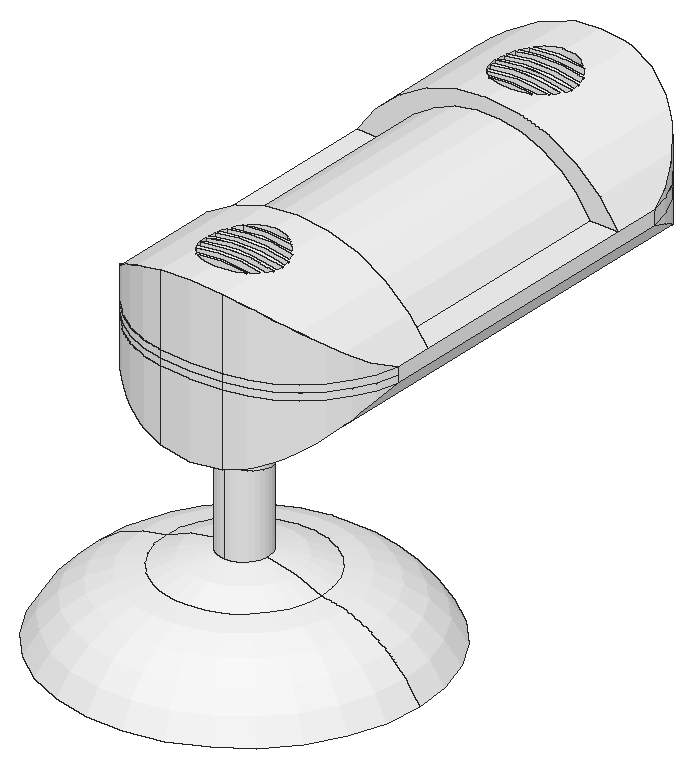
Revit family "3459A.1_NX_Wall_Mount_Occupancy_Sensors", category Communication Devices, host Face, Revit 2021
Family settings
  Host = Face
  Maintain Annotation Orientation = No
  Round Connector Dimension = Use Diameter
  Part Type = Normal
  OmniClass Number = 23.85.80.11.27
  OmniClass Title = Lighting Controls
  Cut with Voids When Loaded = No
  Shared = Yes
  Room Calculation Point = No
Parameters
  Warranty = "5-Years Warranty"  # constant formula
  Type Comments = "Wall Mount Occupancy Sensors\r"  # constant formula
  Product Page URL = ""
  Product Documentation Link = ""
  URL = "https://www.currentlighting.com/nxlightingcontrols"
  Power Requirements = "Powered by NX Room Controller using plenum rated CAT5 cables (ordered separately)"
  Patents = "U.S. Patents: 615129, 5946209, 5699243, 5640143, 6078253, D404326, 6222191, 5986357, 6759954\r\nPatent(s) Pending"
  Model = "NX Ceiling Mount Occupancy Sensors employ Passive Infrared\r\nand Ultrasonic sensing technologies to turn lighting on and off based\r\non occupancy"  # constant formula
  Manufacturer = " NX Lighting Controls"  # constant formula
  Sensing Element = Metal-Nickel
  Feartures = "• IntelliDAPT self-adaptive technology – no manual adjustment required\r\n• Occupancy or vacancy operation selectable per load when used with the\r\nNX Room Controller\r\n• All-digital sensor\r\n• Non-volatile memory for sensor settings\r\n• 500 to 2,500 square-foot coverage area (based on model)\r\n• Plug and play integration with NX Room Controller\r\n• UL and cUL listed\r\n• Low voltage device: 24 VDC"  # constant formula
  Description = "key component in a NX Network Lighting Control System, providing programmable switching and dimming control of the projects lighting circuits"  # constant formula
  Default Elevation = 48.00"
  Copyright = "Copyright © NX Lighting Controls"  # constant formula
  Contact Us = ""
  Housing Material = Paint - Matte White
  Certifications = "UL and cUL listed"
  Assembly Code = "D5090"
Reference planes (in)
  plane 1 "Center (Front/Back)": y = 11.68155
  plane 2: z = 0
  plane 3 "Center (Left/Right)": x = 0
  plane 4: x = -1.41
  plane 5: x = 1.41
  plane 6: y = 13.09155
  plane 7: y = 10.27155
  plane 8: z = 3.72
  plane 9: through (0.87749, -180, 1.95871) normal (0.7071, 0, 0.7071)
Forms (in)
  Revolve 1, solid, material "Paint - Matte White" <- "Housing Material"
    sketch origin (0, 11.68155, 0) x (1, 0, 0) y (0, 0, 1)
      loop
        line (0, 0) -> (1.82999, 0)
        arc (1.82999, 0) -> (1.40849, 0.4728) -> (0.81222, 0.68649) r 1.28372
        arc (0.81222, 0.68649) -> (0.41744, 0.82505) -> (0, 0.85337) r 1.55552
        line (0, 0.85337) -> (0, 0)
      axis (0, 0.85337) -> (0, 0)
    angle from 0 to 360
  Sweep 2, solid, material "Paint - Matte White" <- "Housing Material"
    path origin (0, 0, 0) x (0, 1, 0) y (0, 0, 1)
      loop
        line (11.68155, 0.85427) -> (11.68155, 1.68006) -> (12.02357, 2.61976)
    profile origin (0, 11.68155, 1.26717) x (0, -1, 0) y (1, 0, 0)
      loop
        circle (0, 0) r 0.25
Dimensions and locks (in)
  plane 4 to plane 5 = 2.82"
  plane 7 to plane 6 = 2.82"
  equal spacing: plane 7, plane 1 "Center (Front/Back)", plane 6
  plane 5 to plane 4 = 2.82"
  plane 8 to plane 2 = 3.72"
  aligned and locked: plane 2 to host face
  aligned and locked: level to host face
  aligned and locked: Revolve 1 sketch curve to plane 3 "Center (Left/Right)"
Automatic sketch dimensions
  host sketch curve to host sketch curve = 96.00"  (x2)
  Revolve 1 sketch curve to level = 0.00"
  plane 3 "Center (Left/Right)" to Revolve 1 sketch curve = 0.00"
  plane 3 "Center (Left/Right)" to Revolve 1 sketch curve = 0.10439"
  Revolve 1 sketch curve to Revolve 1 sketch curve = 0.58626"
  Revolve 1 sketch curve to level = 0.59145"
  Revolve 1 sketch curve to Revolve 1 sketch curve = 0.10719"
  Revolve 1 sketch curve to plane 5 = 0.59778"
  plane 5 to Revolve 1 sketch curve = 0.41999"
  Revolve 1 sketch curve to Revolve 1 sketch curve = 23.30136"
  Revolve 1 sketch curve to plane 8 = 54.31668"
  Sweep 2 sketch curve to plane 1 "Center (Front/Back)" = 0.00"
  level to Sweep 2 sketch curve = 0.85427"
  Sweep 2 sketch curve to plane 1 "Center (Front/Back)" = 0.34202"
  Sweep 2 sketch curve to Sweep 2 sketch curve = 0.82579"
  Sweep 2 sketch curve to Sweep 2 sketch curve = 0.93969"
  Sweep 2 sketch curve to plane 3 "Center (Left/Right)" = 0.00"
  Sweep 2 sketch curve to profile plane = 0.00"
  radius of Sweep 2 sketch curve = 0.25"
Nested families (in)
  nested 1: "Family1" at (0, 13.58283, 2.80957) x (-1, 0, 0) z (0, 0, 1), type "Family1"
Connectors (in)
  electrical at (0, 11.68155, 0)
    settings: on Revolve 1, index 1, voltage 0 V, apparent load 0 VA, apparent load phase1 0 VA, apparent load phase2 0 VA, apparent load phase3 0 VA, power factor 1, load classification "Other", number of poles 1, system type 13, power factor state 1, is connector primary yes, connector utility no, sub classification motor no, connector description ""
Definition of nested family "Family1"
  Parameters
    housing = none
    Sensing material = none
    Default Elevation = 0.00"
  Reference planes (in)
    plane 1 "Center (Front/Back)": y = 0
    plane 2: z = 0
    plane 3 "Center (Left/Right)": x = 0
    plane 4: x = -1.365
    plane 5: x = 1.365
    plane 6: y = 2.74
    plane 7: y = -2.74
    plane 8: z = 0.93
    plane 9: z = -0.93
  Forms (in)
    Extrusion 1, solid
      sketch origin (0, 0, 0) x (1, 0, 0) y (0, 1, 0)
        loop
          arc (-1.365, -1.74827) -> (-1.00674, -2.41289) -> (-0.32626, -2.74) r 1.22166
          arc (-0.32626, -2.74) -> (0, -2.76592) -> (0.32626, -2.74) r 2.06591
          arc (0.32626, -2.74) -> (1.00674, -2.41289) -> (1.365, -1.74827) r 1.22166
          line (1.365, -1.74827) -> (1.365, 1.73264)
          arc (1.365, 1.73264) -> (1.00674, 2.39726) -> (0.32626, 2.72437) r 1.22166
          arc (0.32626, 2.72437) -> (0, 2.7503) -> (-0.32626, 2.72437) r 2.06591
          arc (-0.32626, 2.72437) -> (-1.00674, 2.39726) -> (-1.365, 1.73264) r 1.22166
          line (-1.365, 1.73264) -> (-1.365, -1.74827)
      from -0.075 to 0.075
    Sweep 2, solid, material <- "housing"
      path origin (0, 0, 0) x (1, 0, 0) y (0, 1, 0)
        loop
          line (0, 2.75) -> (0, -2.75)
      profile origin (0, 0, 0) x (1, 0, 0) y (0, 0, 1)
        loop
          line (-1.365, 0.075) -> (1.365, 0.075)
          arc (1.365, 0.075) -> (0, 0.8515) -> (-1.365, 0.075) r 1.58801
    Extrusion 3, void
      sketch origin (0, 0, 0) x (1, 0, 0) y (0, 1, 0)
        loop
          line (-1.365, -1.74827) -> (-1.365, -2.84375) -> (1.365, -2.84375) -> (1.365, -1.74827)
          arc (1.365, -1.74827) -> (1.00674, -2.41289) -> (0.32626, -2.74) r 1.22166
          arc (0.32626, -2.74) -> (0, -2.76592) -> (-0.32626, -2.74) r 2.06591
          arc (-0.32626, -2.74) -> (-1.00674, -2.41289) -> (-1.365, -1.74827) r 1.22166
        loop
          arc (-1.365, 1.59202) -> (-1.00674, 2.25664) -> (-0.32626, 2.58375) r 1.22166
          arc (-0.32626, 2.58375) -> (0, 2.60967) -> (0.32626, 2.58375) r 2.06591
          arc (0.32626, 2.58375) -> (1.00674, 2.25664) -> (1.365, 1.59202) r 1.22166
          line (1.365, 1.59202) -> (1.365, 2.84375) -> (-1.365, 2.84375) -> (-1.365, 1.59202)
      from -0.93 to 0.93
    Extrusion 4, solid, material <- "housing"
      sketch origin (0, 0, 0) x (0, -1, 0) y (1, 0, 0)
        loop
          arc (1.74827, -1.365) -> (2.41289, -1.00674) -> (2.74, -0.32626) r 1.22166
          arc (2.74, -0.32626) -> (2.76592, 0) -> (2.74, 0.32626) r 2.06591
          arc (2.74, 0.32626) -> (2.41289, 1.00674) -> (1.74827, 1.365) r 1.22166
          line (1.74827, 1.365) -> (-1.73264, 1.365)
          arc (-1.73264, 1.365) -> (-2.39726, 1.00674) -> (-2.72437, 0.32626) r 1.22166
          arc (-2.72437, 0.32626) -> (-2.7503, 0) -> (-2.72437, -0.32626) r 2.06591
          arc (-2.72437, -0.32626) -> (-2.39726, -1.00674) -> (-1.73264, -1.365) r 1.22166
          line (-1.73264, -1.365) -> (1.74827, -1.365)
      from -0.075 to 0.075
    Sweep 5, solid, material <- "housing"
      path origin (0, 0, 0.075) x (0, -1, 0) y (1, 0, 0)
        loop
          line (-2.75, 0) -> (2.75, 0)
      profile origin (0, 0, 0.075) x (1, 0, 0) y (0, 0, 1)
        loop
          arc (-1.365, -0.15) -> (0, -0.9265) -> (1.365, -0.15) r 1.58801
          line (1.365, -0.15) -> (-1.365, -0.15)
    Extrusion 6, void
      sketch origin (0, 0, 0) x (0, -1, 0) y (1, 0, 0)
        loop
          line (1.74827, -1.365) -> (2.84375, -1.365) -> (2.84375, 1.365) -> (1.74827, 1.365)
          arc (1.74827, 1.365) -> (2.41289, 1.00674) -> (2.74, 0.32626) r 1.22166
          arc (2.74, 0.32626) -> (2.76592, 0) -> (2.74, -0.32626) r 2.06591
          arc (2.74, -0.32626) -> (2.41289, -1.00674) -> (1.74827, -1.365) r 1.22166
        loop
          arc (-1.59202, -1.365) -> (-2.25664, -1.00674) -> (-2.58375, -0.32626) r 1.22166
          arc (-2.58375, -0.32626) -> (-2.60967, 0) -> (-2.58375, 0.32626) r 2.06591
          arc (-2.58375, 0.32626) -> (-2.25664, 1.00674) -> (-1.59202, 1.365) r 1.22166
          line (-1.59202, 1.365) -> (-2.84375, 1.365) -> (-2.84375, -1.365) -> (-1.59202, -1.365)
      from 0 to 2.51239
    Sweep 7, void
      path origin (0, 0.21875, 0) x (1, 0, 0) y (0, 1, 0)
        loop
          line (0, 1) -> (0, -1.5)
      profile origin (0, -0.03125, 0) x (1, 0, 0) y (0, 0, 1)
        loop
          line (-1.365, 0.075) -> (-1.06382, 0.075)
          arc (-1.06382, 0.075) -> (0, 0.69868) -> (1.06382, 0.075) r 1.21913
          line (1.06382, 0.075) -> (1.365, 0.075)
          arc (1.365, 0.075) -> (0, 0.8515) -> (-1.365, 0.075) r 1.58801
    Extrusion 8, void
      sketch origin (0, 0, 0) x (1, 0, 0) y (0, 1, 0)
        loop
          line (-0.2626, 2.20128) -> (0.2626, 2.20128)
          arc (0.2626, 2.20128) -> (0, 2.29997) -> (-0.2626, 2.20128) r 0.39869
        loop
          arc (-0.29067, 2.17416) -> (-0.31897, 2.14048) -> (-0.34338, 2.10388) r 0.39869
          line (-0.34338, 2.10388) -> (0.34338, 2.10388)
          arc (0.34338, 2.10388) -> (0.31897, 2.14048) -> (0.29067, 2.17416) r 0.39869
          line (0.29067, 2.17416) -> (-0.29067, 2.17416)
        loop
          arc (-0.35988, 2.07286) -> (-0.3744, 2.03832) -> (-0.38561, 2.00258) r 0.39869
          line (-0.38561, 2.00258) -> (0.38561, 2.00258)
          arc (0.38561, 2.00258) -> (0.3744, 2.03832) -> (0.35988, 2.07286) r 0.39869
          line (0.35988, 2.07286) -> (-0.35988, 2.07286)
        loop
          arc (-0.39245, 1.97156) -> (-0.39713, 1.93656) -> (-0.39869, 1.90128) r 0.39869
          line (-0.39869, 1.90128) -> (0.39869, 1.90128)
          arc (0.39869, 1.90128) -> (0.39713, 1.93656) -> (0.39245, 1.97156) r 0.39869
          line (0.39245, 1.97156) -> (-0.39245, 1.97156)
        loop
          arc (-0.39748, 1.87025) -> (-0.39356, 1.8375) -> (-0.38694, 1.80518) r 0.39869
          line (-0.38694, 1.80518) -> (0.38694, 1.80518)
          arc (0.38694, 1.80518) -> (0.39356, 1.8375) -> (0.39748, 1.87025) r 0.39869
          line (0.39748, 1.87025) -> (-0.39748, 1.87025)
        loop
          arc (-0.37788, 1.77416) -> (-0.36291, 1.7362) -> (-0.34414, 1.69998) r 0.39869
          line (-0.34414, 1.69998) -> (0.34414, 1.69998)
          arc (0.34414, 1.69998) -> (0.36291, 1.7362) -> (0.37788, 1.77416) r 0.39869
          line (0.37788, 1.77416) -> (-0.37788, 1.77416)
        loop
          arc (-0.32677, 1.67286) -> (-0.29552, 1.63365) -> (-0.25959, 1.59867) r 0.39869
          line (-0.25959, 1.59867) -> (0.25959, 1.59867)
          arc (0.25959, 1.59867) -> (0.29552, 1.63365) -> (0.32677, 1.67286) r 0.39869
          line (0.32677, 1.67286) -> (-0.32677, 1.67286)
        loop
          arc (-0.22414, 1.57156) -> (0, 1.50259) -> (0.22414, 1.57156) r 0.39869
          line (0.22414, 1.57156) -> (-0.22414, 1.57156)
        loop
          arc (-0.2626, -2.20128) -> (0, -2.29997) -> (0.2626, -2.20128) r 0.39869
          line (0.2626, -2.20128) -> (-0.2626, -2.20128)
        loop
          line (-0.29067, -2.17416) -> (0.29067, -2.17416)
          arc (0.29067, -2.17416) -> (0.31897, -2.14048) -> (0.34338, -2.10388) r 0.39869
          line (0.34338, -2.10388) -> (-0.34338, -2.10388)
          arc (-0.34338, -2.10388) -> (-0.31897, -2.14048) -> (-0.29067, -2.17416) r 0.39869
        loop
          line (-0.35988, -2.07286) -> (0.35988, -2.07286)
          arc (0.35988, -2.07286) -> (0.3744, -2.03832) -> (0.38561, -2.00258) r 0.39869
          line (0.38561, -2.00258) -> (-0.38561, -2.00258)
          arc (-0.38561, -2.00258) -> (-0.3744, -2.03832) -> (-0.35988, -2.07286) r 0.39869
        loop
          line (-0.39245, -1.97156) -> (0.39245, -1.97156)
          arc (0.39245, -1.97156) -> (0.39713, -1.93656) -> (0.39869, -1.90128) r 0.39869
          line (0.39869, -1.90128) -> (-0.39869, -1.90128)
          arc (-0.39869, -1.90128) -> (-0.39713, -1.93656) -> (-0.39245, -1.97156) r 0.39869
        loop
          line (-0.39748, -1.87025) -> (0.39748, -1.87025)
          arc (0.39748, -1.87025) -> (0.39356, -1.8375) -> (0.38694, -1.80518) r 0.39869
          line (0.38694, -1.80518) -> (-0.38694, -1.80518)
          arc (-0.38694, -1.80518) -> (-0.39356, -1.8375) -> (-0.39748, -1.87025) r 0.39869
        loop
          line (-0.37788, -1.77416) -> (0.37788, -1.77416)
          arc (0.37788, -1.77416) -> (0.36291, -1.7362) -> (0.34414, -1.69998) r 0.39869
          line (0.34414, -1.69998) -> (-0.34414, -1.69998)
          arc (-0.34414, -1.69998) -> (-0.36291, -1.7362) -> (-0.37788, -1.77416) r 0.39869
        loop
          line (-0.32677, -1.67286) -> (0.32677, -1.67286)
          arc (0.32677, -1.67286) -> (0.29552, -1.63365) -> (0.25959, -1.59867) r 0.39869
          line (0.25959, -1.59867) -> (-0.25959, -1.59867)
          arc (-0.25959, -1.59867) -> (-0.29552, -1.63365) -> (-0.32677, -1.67286) r 0.39869
        loop
          line (-0.22414, -1.57156) -> (0.22414, -1.57156)
          arc (0.22414, -1.57156) -> (0, -1.50259) -> (-0.22414, -1.57156) r 0.39869
      from 0 to 1
    Extrusion 9, solid, material <- "Sensing material"
      sketch origin (0, 0, 0) x (1, 0, 0) y (0, 1, 0)
        loop
          circle (0, 1.90128) r 0.23395
        loop
          circle (0, -1.90258) r 0.23395
      from 0 to 0.52525
    Extrusion 10, void
      sketch origin (0, 0, 0) x (0, 1, 0) y (0, 0, 1)
        loop
          arc (0.27944, -0.93) -> (0.14952, -0.54931) -> (-0.21875, -0.3875) r 0.5
          line (-0.21875, -0.3875) -> (-2.76592, -0.3875) -> (-2.76592, -0.93) -> (0.27944, -0.93)
      from -2.72838 to 1
  Cuts and joins
    Extrusion 3, Extrusion 6, Sweep 7, Extrusion 8 cuts Extrusion 1
    Extrusion 3, Extrusion 6, Sweep 7, Extrusion 8 cuts Sweep 2
    Extrusion 3, Extrusion 6, Sweep 7, Extrusion 8 cuts Extrusion 4
    Extrusion 3, Extrusion 6, Extrusion 10 cuts Sweep 5
  Dimensions and locks (in)
    aligned and locked: plane 2 to level
    aligned and locked: cut or joined group of Extrusion 3, Sweep 5, Extrusion 6, Extrusion 10 to cut or joined group of Extrusion 3, Extrusion 4, Extrusion 6, Sweep 7, Extrusion 8
    aligned and locked: Extrusion 3 to plane 9
    aligned and locked: plane 8 to Extrusion 3
